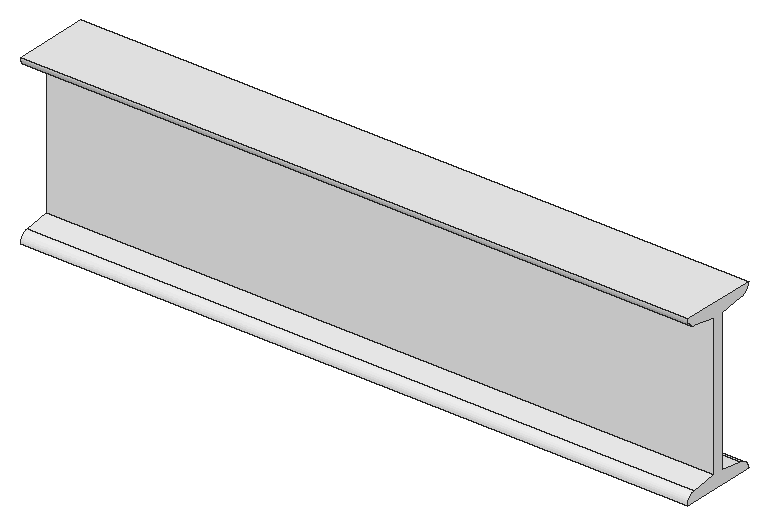
Revit family "63e5191fc7b942da8fa6f60406aec8e4", category Structural Framing, Revit 2021
Family settings
  Structural Framing Length Roundoff = 0' - 0"
  Section Shape = Not Defined
  Material for Model Behavior = Steel
  Always export as geometry = No
  OmniClass Number = 23.25.30.11.14.14
  OmniClass Title = Beams
  Seek Item ID = S-American Standard-0000-USA-ENU
  Always vertical = Yes
  Cut with Voids When Loaded = No
  Symbolic Representation = From Project Settings
  Shared = No
  Show family pre-cut in plan views = Yes
Parameters (values of type "S12x50")
  W = 50
  Structural Material [instance] = Steel ASTM A572
  Assembly Code = "B10"
  Length [instance] = 5' - 0"
  bf = 0' - 5 61/128"
  d = 1' - 0"
  k = 0' - 1 7/16"
  tf = 0' - 0 169/256"
  tw = 0' - 0 11/16"
  A = 0.10 SF
Types (3): name | W | bf | d | k | tf | tw | A
  (no name) | 50 | 0' - 5 61/128" | 1' - 0" | 0' - 1 7/16" | 0' - 0 169/256" | 0' - 0 11/16" | 0.10 SF
  S8x23 | 23 | 0' - 4 11/64" | 0' - 8" | 0' - 1" | 0' - 0 109/256" | 0' - 0 113/256" | 0.05 SF
  S12x50 | 50 | 0' - 5 61/128" | 1' - 0" | 0' - 1 7/16" | 0' - 0 169/256" | 0' - 0 11/16" | 0.10 SF
Reference planes (in)
  plane 1 "Center (Front/Back)": y = 0
  plane 2: z = 0
  plane 3 "Center (Left/Right)": x = 0.1815
  plane 4 "Member Left": x = -23.8185
  plane 5 "Member Right": x = 24.1815
  plane 6: y = 2.73828
  plane 7: y = -2.73828
  plane 8 "Top": z = 6
  plane 9: z = -6
  plane 10 "Left": x = -29.8185
  plane 11 "Right": x = 30.1815
Forms (in)
  Sweep 1, solid, material "Steel ASTM A572" <- "Structural Material", detail levels fine
    path origin (0, 0, 0) x (1, 0, 0) y (0, 1, 0)
      loop
        line (24.1815, 0) -> (-23.8185, 0)
    profile "S-American Standard-Profile-Fine : S-American Standard-Profile-Fine" origin (0.1815, 0, 0) x (0, -1, 0) y (0, 0, 1)
      loop
        arc (-2.73828, 6) -> (-2.54493, 5.5332) -> (-2.07812, 5.33984) r 0.66016
        line (-2.07812, 5.33984) -> (-0.34375, 5.06515) -> (-0.34375, -5.06515) -> (-2.07812, -5.33984)
        arc (-2.07812, -5.33984) -> (-2.54493, -5.5332) -> (-2.73828, -6) r 0.66016
        line (-2.73828, -6) -> (2.73828, -6)
        arc (2.73828, -6) -> (2.54493, -5.5332) -> (2.07813, -5.33984) r 0.66016
        line (2.07813, -5.33984) -> (0.34375, -5.06515) -> (0.34375, 5.06515) -> (2.07813, 5.33984)
        arc (2.07813, 5.33984) -> (2.54493, 5.5332) -> (2.73828, 6) r 0.66016
        line (2.73828, 6) -> (-2.73828, 6)
  Sweep 2, solid, material "Steel ASTM A572" <- "Structural Material", detail levels medium
    path origin (0, 0, 0) x (1, 0, 0) y (0, 1, 0)
      loop
        line (24.1815, 0) -> (-23.8185, 0)
    profile "S-American Standard-Profile-Medium : S-American Standard-Profile-Medium" origin (0.1815, 0, 0) x (0, -1, 0) y (0, 0, 1)
      loop
        line (-2.73828, 6) -> (-2.73828, 5.33984) -> (-0.34375, 4.96059) -> (-0.34375, -4.96059) -> (-2.73828, -5.33984) -> (-2.73828, -6) -> (2.73828, -6) -> (2.73828, -5.33984) -> (0.34375, -4.96059) -> (0.34375, 4.96059) -> (2.73828, 5.33984) -> (2.73828, 6) -> (-2.73828, 6)
Lines and regions (in)
  symbolic lines, style "Hidden Faces", detail levels medium+fine
    curve 1: line (24.1815, -0.34375, 0) -> (-23.8185, -0.34375, 0)
    curve 2: line (24.1815, 0.34375, 0) -> (-23.8185, 0.34375, 0)
  symbolic lines, style "Stick Symbols", detail levels coarse
    curve 3: line (0.1815, 2.73828, 6) -> (0.1815, -2.73828, 6)
    curve 4: line (0.1815, 0, 6) -> (0.1815, 0, -6)
    curve 5: line (0.1815, 2.73828, -6) -> (0.1815, -2.73828, -6)
Dimensions and locks (in)
  "bf": plane 6 to plane 7
  "d": plane 9 to plane 8 "Top"
  equal spacing: plane 9, plane 2, plane 8 "Top"
  equal spacing: plane 6, plane 1 "Center (Front/Back)", plane 7
  "Length": plane 10 "Left" to plane 11 "Right"
  equal spacing: curve 2, plane 1 "Center (Front/Back)", curve 1
  "tw": curve 2 to curve 1
  aligned and locked: Sweep 1 sketch curve to plane 1 "Center (Front/Back)"
  aligned and locked: Sweep 2 sketch curve to plane 1 "Center (Front/Back)"
  aligned and locked: Sweep 2 to curve 5  (x2)
  aligned and locked: curve 3 to Sweep 2  (x2)
  aligned and locked: Sweep 2 to curve 3
  aligned and locked: curve 5 to Sweep 2
  aligned and locked: plane 4 "Member Left" to Sweep 2 sketch curve
  aligned and locked: plane 5 "Member Right" to Sweep 2 sketch curve
  aligned and locked: plane 4 "Member Left" to Sweep 1 sketch curve
  aligned and locked: plane 5 "Member Right" to Sweep 1 sketch curve
  aligned and locked: plane 4 "Member Left" to curve 2
  aligned and locked: plane 4 "Member Left" to curve 1
  aligned and locked: plane 5 "Member Right" to curve 2
  aligned and locked: plane 5 "Member Right" to curve 1
Automatic sketch dimensions
  curve 4 to plane 1 "Center (Front/Back)" = 0' - 0"
